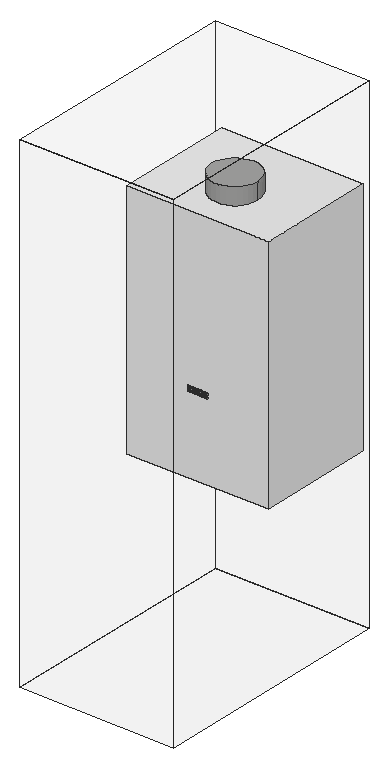
Revit family "Sirius_two_WH_50kW_LOD-3", category Mechanical Equipment, Revit 2014
Parameters (values of type "50kW")
  Weekly = "0"
  Water Treatment Required = yes
  Water Content = 4.0 L
  Warranty ID = "See manufacturers website for warranty options and T&C's"
  Voltage = 230 V
  Uniclass2015 = "Pr_60_60_08"
  URL = ""
  Type = ""
  Turndown Ratio = "9:1"
  Supply Phase = 1
  Starting Current = 0 A
  Sound Pressure Level = "62 dBA"
  Shipping Weight = 50.00 kg
  Shape = "Rectangular (Vertical)"
  Safety Valve Connection Type = "Threaded"
  Safety Valve Connection Size = 12.7 mm
  Responsible Sourcing of Materials = "0"
  Responsible Extraction of Materials = "0"
  Reference Standard = "ISO 9001; ISO 14001"
  Rated Output = 45100 W
  Rated Criteria = "80/60"
  Quarterly = "0"
  Product Range = "Sirius two WH (50kW)"
  Product Model Number = "5138528"
  Product Literature = "http://www.pottertoncommercial.co.uk/products/stainless-steel/sirius-two-wh.htm"
  Primary Fuel = "Gas - NG"
  Overall Width = 450 mm
  Overall Length = 377 mm
  Overall Height = 763 mm
  Optional Fuel = "Gas - LPG"
  Operation and Maintenance Manual = "http://www.pottertoncommercial.co.uk/products/stainless-steel/sirius-two-wh.htm"
  Oil Consumption rate = 0
  Nominal Oil Inlet Pressure = 0.0 bar
  Nominal Gas Inlet Pressure = 0.02 bar
  NOx Emissions = "29 mg/kWh"
  Mounting = "Wall Mounted"
  Monthly = "0"
  Model = "SIRIUS two WH50"  # constant formula
  Minimum Power Consumption = 20 W
  Minimum Operating Pressure = 1.0 bar
  Minimum Oil Inlet Pressure = 0.0 bar
  Minimum Gas Inlet Pressure = 0.018 bar
  Minimum Flow Rate at 20C temperature differential = 0.540 L/s
  Minimum Flow Rate at 11C temperature differential = 0.720 L/s
  Maximum Power Consumption = 80 W
  Maximum Operating Pressure = 4.0 bar
  Maximum Oil Inlet Pressure = 0.0 bar
  Maximum Gas Inlet Pressure = 0.0 bar
  Material Ingredient Reporting = "0"
  Manufacturer Website = "http://www.pottertoncommercial.co.uk/index.htm"
  Manufacturer = "Potterton Commercial"  # constant formula
  Maintenance Required 8001 to 12000hrs = "0"
  Maintenance Required 601 to 1000hrs = "0"
  Maintenance Required 4001 to 8000hrs = "0"
  Maintenance Required 301 to 600hrs = "0"
  Maintenance Required 2001 to 4000hrs = "0"
  Maintenance Required 1001 to 2000hrs = "0"
  Maintenance Required 0 to 300hrs = "0"
  Location of Manufacturer = "0"
  Life Cycle Analysis = "0"
  Interlocks = yes
  IfcExportType = "NOTDEFINED"  # constant formula
  IfcExportAs = "IfcBoilerType"  # constant formula
  IP Rating = "IPX5D"
  IK Rating = "0"
  Hydraulic Resistance at 20C temperature differential = 0.048 bar
  Hydraulic Resistance at 11C temperature differential = 0.085 bar
  Heater Operation = "Condensing"
  Heat Exchanger Material = "Stainless Steel"
  Gross Weight = 40.00 kg
  Green Guide for Specification = "0"
  Gas Consumption rate = "4.9 m3/h"
  Fuse Rating = 0 A
  Full Load Current = 0 A
  Fuel Connection Type = "Threaded"
  Fuel Connection Size = 483.87 mm
  Frequency = 50 Hz
  Flue or Air Intake Classification = "C13; C33; B23"
  Flue Connection size = 80 mm
  Flow and Return Connection Type = "Threaded"
  Flow and Return Connection Size = 645.16 mm
  Finish = "Powder coated"
  Features = "Wall hung boiler, stainless steel heat exchanger, 9:1 modulation, integral pump option"
  External Material = "Steel"
  Expected Life = ">10 years"
  ErP Seasonal Efficiency = "92 %"
  ErP Rated Efficiency at Part Load = "97.1 %"
  ErP Rated Efficiency at Full Load = "87.7 %"
  ErP Energy Label = "A"
  Environmental Product Declaration = "0"
  Energy Technology List = "https://etl.decc.gov.uk/engetl/fox/live/ETL_PUBLIC_PRODUCT_SEARCH/product?PROD_ID=72393"
  Embodied Carbon = "0"
  Drain Connection Type = "Plain"
  Drain Connection Size = 0 mm
  Description = ""
  Daily = "0"
  Control Type = "Optimised, modulating, weather compensating, BMS compatible"
  Configuration = "Single boiler"
  Condensate Drain Type = "Plain"
  Condensate Drain Size = 22 mm
  Colour = "White"
  Clearance Box Visibility [instance] = yes
  CE Mark = "CE-0085CM0128"
  Burner Control Type = "Modulating"
  Building Regulations Seasonal Efficiency = "96.6 %"
  Bespoke Timeframe = "0"
  BMS Links = yes
  Annually = "Annual service according to manufacturers guidance."
  Air Inlet Connection Size = 125 mm
  Additional Technical Details = "http://www.pottertoncommercial.co.uk/products/stainless-steel/sirius-two-wh.htm"
  Access Clearance Top = 300 mm
  Access Clearance Right = 20 mm
  Access Clearance Rear = 0 mm
  Access Clearance Left = 20 mm
  Access Clearance Front = 400 mm
  Access Clearance Bottom = 500 mm
  6 Monthly = "0"
Reference planes
  plane 1 "Center (Front/Back)": y = 0
  plane 2: z = 0
  plane 3 "Center (Left/Right)": x = 0
Forms (mm)
  Extrusion 1, solid, material "Potterton Sirius WH - Cover"
    sketch origin (0, 0, 0) x (1, 0, 0) y (0, 1, 0)
      loop
        line (-225, 0) -> (-225, -377) -> (225, -377) -> (225, 0) -> (217, 0) -> (217, -347) -> (-217, -347) -> (-217, 0) -> (-225, 0)
    from 0 to 763
  Extrusion 2, solid, material "Potterton Sirius FS - Logo"
    sketch origin (-369.668, -376.852, 160.982) x (1, 0, 0) y (0, 0, 1)
      loop
        arc (342.971, 100.811) -> (344.366, 99.416) -> (342.971, 98.02) r 1.395
        line (342.971, 98.02) -> (339.501, 98.02) -> (339.501, 93.964) -> (341.208, 93.964) -> (341.208, 96.293) -> (342.971, 96.293)
        arc (342.971, 96.293) -> (344.738, 96.848) -> (345.87, 98.315) r 3.088
        arc (345.87, 98.315) -> (351.536, 94.006) -> (353.627, 100.811) r 4.341
        line (353.627, 100.811) -> (355.933, 100.811) -> (355.933, 93.964) -> (357.701, 93.964) -> (357.701, 100.811) -> (361.06, 100.811) -> (361.06, 93.964) -> (362.813, 93.964) -> (362.813, 100.811) -> (366.054, 100.811) -> (366.054, 93.964) -> (372.032, 93.964) -> (372.032, 95.63) -> (367.807, 95.63) -> (367.807, 97.433) -> (371.262, 97.433)
        arc (371.262, 97.433) -> (372.08, 98.251) -> (371.262, 99.069) r 0.818
        line (371.262, 99.069) -> (367.807, 99.069) -> (367.807, 100.811) -> (375.58, 100.811)
        arc (375.58, 100.811) -> (376.451, 99.94) -> (375.58, 99.069) r 0.871
        line (375.58, 99.069) -> (373.302, 99.069)
        arc (373.302, 99.069) -> (372.52, 98.49) -> (372.845, 97.573) r 0.818
        line (372.845, 97.573) -> (381.32, 91.867)
        arc (381.32, 91.867) -> (382.144, 91.832) -> (382.566, 92.541) r 0.805
        line (382.566, 92.541) -> (382.566, 100.811) -> (385.072, 100.811)
        arc (385.072, 100.811) -> (386.619, 94.222) -> (392.72, 97.151) r 4.341
        line (392.72, 97.151) -> (392.72, 93.964) -> (394.487, 93.964) -> (394.487, 99.069) -> (398.739, 94.236)
        arc (398.739, 94.236) -> (399.755, 93.983) -> (400.351, 94.844) r 0.921
        line (400.351, 94.844) -> (400.351, 101.682)
        arc (400.351, 101.682) -> (399.452, 102.581) -> (398.554, 101.682) r 0.899
        line (398.554, 101.682) -> (398.554, 97.165) -> (394.162, 102.301)
        arc (394.162, 102.301) -> (393.255, 102.537) -> (392.72, 101.768) r 0.819
        line (392.72, 101.768) -> (392.72, 99.124)
        arc (392.72, 99.124) -> (391.302, 101.447) -> (388.78, 102.469) r 4.341
        line (388.78, 102.469) -> (379.034, 102.469)
        arc (379.034, 102.469) -> (378.205, 101.64) -> (379.034, 100.811) r 0.829
        line (379.034, 100.811) -> (380.772, 100.811) -> (380.772, 94.179) -> (375.58, 97.707)
        arc (375.58, 97.707) -> (377.961, 100.088) -> (375.58, 102.469) r 2.381
        line (375.58, 102.469) -> (353.905, 102.469)
        arc (353.905, 102.469) -> (353.223, 102.111) -> (353.129, 101.347) r 0.829
        arc (353.129, 101.347) -> (349.064, 102.325) -> (346.059, 99.418) r 4.341
        arc (346.059, 99.418) -> (345.142, 101.577) -> (342.971, 102.469) r 3.088
        line (342.971, 102.469) -> (339.417, 102.469)
        arc (339.417, 102.469) -> (338.587, 101.64) -> (339.417, 100.811) r 0.829
        line (339.417, 100.811) -> (342.971, 100.811)
      loop
        line (384.051, 92.773) -> (384.051, 91.973) -> (400.157, 91.973) -> (400.157, 92.773) -> (384.051, 92.773)
      loop
        line (339.501, 92.773) -> (339.501, 91.973) -> (378.488, 91.973) -> (378.488, 92.773) -> (339.501, 92.773)
      loop
        arc (340.058, 88.937) -> (338.522, 87.401) -> (340.058, 85.864) r 1.537
        line (340.058, 85.864) -> (399.258, 85.864)
        arc (399.258, 85.864) -> (400.795, 87.401) -> (399.258, 88.937) r 1.537
        line (399.258, 88.937) -> (340.058, 88.937)
      loop
        circle (350.207, 98.138) r 2.591
      loop
        circle (342.971, 99.416) r 0.875
      loop
        circle (388.493, 98.138) r 2.591
    from 0.148 to 1
  Sweep 3, solid
    path origin (0, 0, -3) x (1, 0, 0) y (0, 0, 1)
      loop
        line (0, 766) -> (0, 819)
    profile origin (0, 0, 789.5) x (-1, 0, 0) y (0, -1, 0)
      loop
        circle (0, 229) r 73.5
  Extrusion 4, solid, material "Potterton Sirius WH - Cover"
    sketch origin (0, 0, 0) x (1, 0, 0) y (0, 1, 0)
      loop
        line (-217, 0) -> (-217, -347) -> (217, -347) -> (217, 0) -> (-217, 0)
    from 55 to 763
  Sweep 5, solid
    path origin (0, 0, 0) x (1, 0, 0) y (0, 0, 1)
      loop
        line (0, 55) -> (0, 7)
    profile origin (0, 0, 31) x (0, -1, 0) y (1, 0, 0)
      loop
        circle (95, 102) r 12.7
      loop
        circle (95, 2) r 12.7
      loop
        circle (95, -98) r 9.525
      loop
        circle (67, -177) r 11
  Extrusion 6, solid, material "Glass - Clear - Amber", visible <- "Clearance Box Visibility"
    sketch origin (0, 0, 0) x (1, 0, 0) y (0, 1, 0)
      loop
        line (-245, 0) -> (-245, -777) -> (245, -777) -> (245, 0) -> (-245, 0)
    from -500 to 1063
Cuts and joins
  joined: Extrusion 1, Extrusion 4
Dimensions and locks
  locked: Sweep 3 sketch curve to profile plane at 229
  locked: Sweep 5 sketch curve to cut or joined group of Extrusion 1, Extrusion 4 at 123
  locked: Sweep 5 sketch curve to plane 1 "Center (Front/Back)" at 95
  locked: Sweep 5 sketch curve to Sweep 5 sketch curve at 100  (x2)
  locked: Sweep 5 sketch curve to plane 1 "Center (Front/Back)" at 67
  locked: cut or joined group of Extrusion 1, Extrusion 4 to Sweep 5 sketch curve at 48
  aligned and locked: level to plane 2
  aligned and locked: plane 1 "Center (Front/Back)" to Extrusion 1 sketch curve
  aligned and locked: Extrusion 1 to level
  aligned and locked: profile plane to Sweep 3 sketch curve
  aligned and locked: Extrusion 4 sketch curve to cut or joined group of Extrusion 1, Extrusion 4  (x3)
  aligned and locked: Sweep 5 sketch curve to cut or joined group of Extrusion 1, Extrusion 4
  aligned and locked: Sweep 5 sketch curve to plane 3 "Center (Left/Right)"
  aligned and locked: plane 1 "Center (Front/Back)" to Extrusion 6 sketch curve
Connectors
  piping at (2, -95, 7), diameter 25.4
    settings: on Sweep 5, index 1, connector inside diameter 609.6 mm, connector length 0 mm, flow factor 0, pipe flow 0.000 L/s, pressure drop 0.0 bar, fitting loss kfactor 0, connector angle 0.00°, fixture units 0, engagement length 0 mm, angle of deflection 0.00°, flow configuration 1, flow direction 2, fitting loss method 0, system type 7, joint type 0, gender type 0, connector reference index -1, connector utility 0, adjustable connector no, is connector primary yes, connector description "Supply"
  piping at (102, -95, 7), diameter 25.4
    settings: on Sweep 5, index 2, connector inside diameter 609.6 mm, connector length 0 mm, flow factor 0, pipe flow 0.000 L/s, pressure drop 0.0 bar, fitting loss kfactor 0, connector angle 0.00°, fixture units 0, engagement length 0 mm, angle of deflection 0.00°, flow configuration 0, flow direction 1, fitting loss method 0, system type 8, joint type 0, gender type 0, connector reference index -1, connector utility 0, adjustable connector no, is connector primary no, connector description "Return"
  piping at (-98, -95, 7), diameter 19.1
    settings: on Sweep 5, index 3, connector inside diameter 609.6 mm, connector length 0 mm, flow factor 0, pipe flow 0.000 L/s, pressure drop 0.0 bar, fitting loss kfactor 0, connector angle 0.00°, fixture units 0, engagement length 0 mm, angle of deflection 0.00°, flow configuration 1, flow direction 1, fitting loss method 0, system type 22, joint type 0, gender type 0, connector reference index -1, connector utility 0, adjustable connector no, is connector primary no, connector description "Gas"
  piping at (-177, -67, 7), diameter 22
    settings: on Sweep 5, index 4, connector inside diameter 609.6 mm, connector length 0 mm, flow factor 0, pipe flow 0.000 L/s, pressure drop 0.0 bar, fitting loss kfactor 0, connector angle 0.00°, fixture units 0, engagement length 0 mm, angle of deflection 0.00°, flow configuration 1, flow direction 2, fitting loss method 0, system type 22, joint type 0, gender type 0, connector reference index -1, connector utility 0, adjustable connector no, is connector primary no, connector description "Drain"
  hvac at (0, -229, 816)
    settings: on Sweep 3, index 6, duct flow 0.0 m³/h, flow factor 0, pres drop 0.0 bar, loss coef 0, conn angle 0.00°, conn width 304.8 mm, conn height 304.8 mm, conn diameter 125 mm, duct sys type 3, conn prof type 0, flow config 1, flow direction 2, loss method 0, conn ref index -1, conn util no, is conn primary yes, conn desc "Flue"
